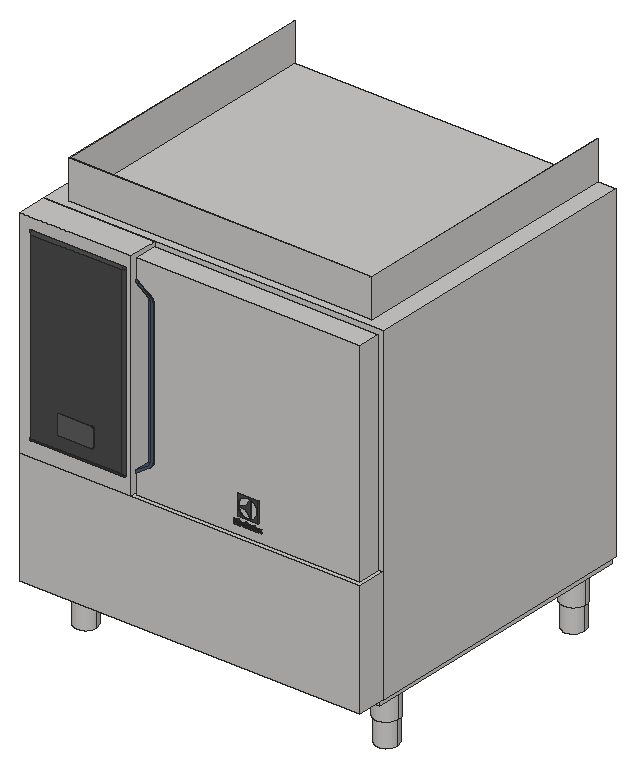
Revit family "QF_ELECTROLUXPROFESSIONAL_725538_EBFA61WE", category Specialty Equipment, Revit 2023 (continued)
Automatic sketch dimensions
  Split face 48 sketch curve to Extrusion 9 = 71.703 mm
  Split face 48 sketch curve to Extrusion 9 = 377.596 mm
  Split face 48 sketch curve to Split face 48 sketch curve = 110.015 mm
  Split face 48 sketch curve to Split face 48 sketch curve = 5.027 mm
  Split face 49 sketch curve to Extrusion 9 = 62.231 mm
  Split face 49 sketch curve to Extrusion 9 = 377.596 mm
  Split face 49 sketch curve to Split face 49 sketch curve = 110.015 mm
  Split face 49 sketch curve to Split face 49 sketch curve = 5.027 mm
  Split face 50 sketch curve to Extrusion 9 = 52.758 mm
  Split face 50 sketch curve to Extrusion 9 = 377.596 mm
  Split face 50 sketch curve to Extrusion 9 = 47.731 mm
  Split face 50 sketch curve to Split face 50 sketch curve = 110.015 mm
  Split face 51 sketch curve to Extrusion 9 = 43.286 mm
  Split face 51 sketch curve to Extrusion 9 = 377.596 mm
  Split face 51 sketch curve to Extrusion 9 = 38.259 mm
  Split face 51 sketch curve to Split face 51 sketch curve = 110.015 mm
  Split face 52 sketch curve to Extrusion 9 = 33.814 mm
  Split face 52 sketch curve to Extrusion 9 = 377.596 mm
  Split face 52 sketch curve to Extrusion 9 = 28.787 mm
  Split face 52 sketch curve to Split face 52 sketch curve = 110.015 mm
  Split face 53 sketch curve to Extrusion 9 = 31.361 mm
  Split face 53 sketch curve to Extrusion 9 = 262.581 mm
  Split face 53 sketch curve to Extrusion 9 = 36.388 mm
  Split face 53 sketch curve to Split face 53 sketch curve = 110.015 mm
  Split face 54 sketch curve to Extrusion 9 = 40.833 mm
  Split face 54 sketch curve to Extrusion 9 = 262.581 mm
  Split face 54 sketch curve to Extrusion 9 = 45.86 mm
  Split face 54 sketch curve to Split face 54 sketch curve = 110.015 mm
  Split face 55 sketch curve to Extrusion 9 = 50.305 mm
  Split face 55 sketch curve to Extrusion 9 = 262.581 mm
  Split face 55 sketch curve to Split face 55 sketch curve = 110.015 mm
  Split face 55 sketch curve to Split face 55 sketch curve = 5.027 mm
  Split face 56 sketch curve to Extrusion 9 = 59.777 mm
  Split face 56 sketch curve to Extrusion 9 = 262.581 mm
  Split face 56 sketch curve to Split face 56 sketch curve = 110.015 mm
  Split face 56 sketch curve to Split face 56 sketch curve = 5.027 mm
  Split face 57 sketch curve to Extrusion 9 = 69.25 mm
  Split face 57 sketch curve to Extrusion 9 = 262.581 mm
  Split face 57 sketch curve to Split face 57 sketch curve = 110.015 mm
  Split face 57 sketch curve to Split face 57 sketch curve = 5.027 mm
  Split face 58 sketch curve to Extrusion 9 = 78.722 mm
  Split face 58 sketch curve to Extrusion 9 = 262.581 mm
  Split face 58 sketch curve to Split face 58 sketch curve = 110.015 mm
  Split face 58 sketch curve to Split face 58 sketch curve = 5.027 mm
  Split face 59 sketch curve to Extrusion 9 = 88.194 mm
  Split face 59 sketch curve to Extrusion 9 = 262.581 mm
  Split face 59 sketch curve to Split face 59 sketch curve = 110.015 mm
  Split face 59 sketch curve to Split face 59 sketch curve = 5.027 mm
  Split face 60 sketch curve to Extrusion 9 = 97.666 mm
  Split face 60 sketch curve to Extrusion 9 = 262.581 mm
  Split face 60 sketch curve to Split face 60 sketch curve = 110.015 mm
  Split face 60 sketch curve to Split face 60 sketch curve = 5.027 mm
  Split face 61 sketch curve to Extrusion 9 = 107.138 mm
  Split face 61 sketch curve to Extrusion 9 = 262.581 mm
  Split face 61 sketch curve to Split face 61 sketch curve = 110.015 mm
  Split face 61 sketch curve to Split face 61 sketch curve = 5.027 mm
  Split face 62 sketch curve to Extrusion 9 = 116.611 mm
  Split face 62 sketch curve to Extrusion 9 = 262.581 mm
  Split face 62 sketch curve to Split face 62 sketch curve = 110.015 mm
  Split face 62 sketch curve to Split face 62 sketch curve = 5.027 mm
  Split face 63 sketch curve to Extrusion 9 = 126.083 mm
  Split face 63 sketch curve to Extrusion 9 = 262.581 mm
  Split face 63 sketch curve to Split face 63 sketch curve = 110.015 mm
  Split face 63 sketch curve to Split face 63 sketch curve = 5.027 mm
  Split face 64 sketch curve to Extrusion 9 = 262.581 mm
  Split face 64 sketch curve to Split face 64 sketch curve = 110.015 mm
  Split face 64 sketch curve to Extrusion 9 = 135.555 mm
  Split face 64 sketch curve to Split face 64 sketch curve = 5.027 mm
  Split face 65 sketch curve to Extrusion 9 = 262.581 mm
  Split face 65 sketch curve to Split face 65 sketch curve = 110.015 mm
  Split face 65 sketch curve to Extrusion 9 = 145.027 mm
  Split face 65 sketch curve to Split face 65 sketch curve = 5.027 mm
  Split face 66 sketch curve to Extrusion 9 = 262.581 mm
  Split face 66 sketch curve to Split face 66 sketch curve = 110.015 mm
  Split face 66 sketch curve to Extrusion 9 = 147.48 mm
  Split face 66 sketch curve to Split face 66 sketch curve = 5.027 mm
  Split face 67 sketch curve to Extrusion 9 = 262.581 mm
  Split face 67 sketch curve to Split face 67 sketch curve = 110.015 mm
  Split face 67 sketch curve to Extrusion 9 = 138.008 mm
  Split face 67 sketch curve to Split face 67 sketch curve = 5.027 mm
  Split face 68 sketch curve to Extrusion 9 = 128.536 mm
  Split face 68 sketch curve to Extrusion 9 = 262.581 mm
  Split face 68 sketch curve to Split face 68 sketch curve = 110.015 mm
  Split face 68 sketch curve to Split face 68 sketch curve = 5.027 mm
  Split face 69 sketch curve to Extrusion 9 = 119.064 mm
  Split face 69 sketch curve to Extrusion 9 = 262.581 mm
  Split face 69 sketch curve to Split face 69 sketch curve = 110.015 mm
  Split face 69 sketch curve to Split face 69 sketch curve = 5.027 mm
  Split face 70 sketch curve to Extrusion 9 = 109.592 mm
  Split face 70 sketch curve to Extrusion 9 = 262.581 mm
  Split face 70 sketch curve to Split face 70 sketch curve = 110.015 mm
  Split face 70 sketch curve to Split face 70 sketch curve = 5.027 mm
  Split face 71 sketch curve to Extrusion 9 = 100.119 mm
  Split face 71 sketch curve to Extrusion 9 = 262.581 mm
  Split face 71 sketch curve to Split face 71 sketch curve = 110.015 mm
  Split face 71 sketch curve to Split face 71 sketch curve = 5.027 mm
  Split face 72 sketch curve to Extrusion 9 = 90.647 mm
  Split face 72 sketch curve to Extrusion 9 = 262.581 mm
  Split face 72 sketch curve to Split face 72 sketch curve = 110.015 mm
  Split face 72 sketch curve to Split face 72 sketch curve = 5.027 mm
  Split face 73 sketch curve to Extrusion 9 = 81.175 mm
  Split face 73 sketch curve to Extrusion 9 = 262.581 mm
  Split face 73 sketch curve to Split face 73 sketch curve = 110.015 mm
  Split face 73 sketch curve to Split face 73 sketch curve = 5.027 mm
  Split face 74 sketch curve to Extrusion 9 = 71.703 mm
  Split face 74 sketch curve to Extrusion 9 = 262.581 mm
  Split face 74 sketch curve to Split face 74 sketch curve = 110.015 mm
  Split face 74 sketch curve to Split face 74 sketch curve = 5.027 mm
  Split face 75 sketch curve to Extrusion 9 = 62.231 mm
  Split face 75 sketch curve to Extrusion 9 = 262.581 mm
  Split face 75 sketch curve to Split face 75 sketch curve = 110.015 mm
  Split face 75 sketch curve to Split face 75 sketch curve = 5.027 mm
  Split face 76 sketch curve to Extrusion 9 = 52.758 mm
  Split face 76 sketch curve to Extrusion 9 = 262.581 mm
  Split face 76 sketch curve to Extrusion 9 = 47.731 mm
  Split face 76 sketch curve to Split face 76 sketch curve = 110.015 mm
  Split face 77 sketch curve to Extrusion 9 = 43.286 mm
  Split face 77 sketch curve to Extrusion 9 = 262.581 mm
  Split face 77 sketch curve to Extrusion 9 = 38.259 mm
  Split face 77 sketch curve to Split face 77 sketch curve = 110.015 mm
  Split face 78 sketch curve to Extrusion 9 = 33.814 mm
  Split face 78 sketch curve to Extrusion 9 = 262.581 mm
  Split face 78 sketch curve to Extrusion 9 = 28.787 mm
  Split face 78 sketch curve to Split face 78 sketch curve = 110.015 mm
  Split face 79 sketch curve to Extrusion 9 = 31.361 mm
  Split face 79 sketch curve to Extrusion 9 = 147.565 mm
  Split face 79 sketch curve to Extrusion 9 = 36.388 mm
  Split face 79 sketch curve to Split face 79 sketch curve = 110.015 mm
  Split face 80 sketch curve to Extrusion 9 = 40.833 mm
  Split face 80 sketch curve to Extrusion 9 = 147.565 mm
  Split face 80 sketch curve to Extrusion 9 = 45.86 mm
  Split face 80 sketch curve to Split face 80 sketch curve = 110.015 mm
  Split face 81 sketch curve to Extrusion 9 = 50.305 mm
  Split face 81 sketch curve to Extrusion 9 = 147.565 mm
  Split face 81 sketch curve to Split face 81 sketch curve = 110.015 mm
  Split face 81 sketch curve to Split face 81 sketch curve = 5.027 mm
  Split face 82 sketch curve to Extrusion 9 = 59.777 mm
  Split face 82 sketch curve to Extrusion 9 = 147.565 mm
  Split face 82 sketch curve to Split face 82 sketch curve = 110.015 mm
  Split face 82 sketch curve to Split face 82 sketch curve = 5.027 mm
  Split face 83 sketch curve to Extrusion 9 = 69.25 mm
  Split face 83 sketch curve to Extrusion 9 = 147.565 mm
  Split face 83 sketch curve to Split face 83 sketch curve = 110.015 mm
  Split face 83 sketch curve to Split face 83 sketch curve = 5.027 mm
  Split face 84 sketch curve to Extrusion 9 = 147.565 mm
  Split face 84 sketch curve to Split face 84 sketch curve = 110.015 mm
  Split face 84 sketch curve to Extrusion 9 = 78.722 mm
  Split face 84 sketch curve to Split face 84 sketch curve = 5.027 mm
  Split face 85 sketch curve to Extrusion 9 = 147.565 mm
  Split face 85 sketch curve to Split face 85 sketch curve = 110.015 mm
  Split face 85 sketch curve to Extrusion 9 = 88.194 mm
  Split face 85 sketch curve to Split face 85 sketch curve = 5.027 mm
  Split face 86 sketch curve to Extrusion 9 = 147.565 mm
  Split face 86 sketch curve to Split face 86 sketch curve = 110.015 mm
  Split face 86 sketch curve to Extrusion 9 = 97.666 mm
  Split face 86 sketch curve to Split face 86 sketch curve = 5.027 mm
  Split face 87 sketch curve to Extrusion 9 = 147.565 mm
  Split face 87 sketch curve to Split face 87 sketch curve = 110.015 mm
  Split face 87 sketch curve to Extrusion 9 = 107.138 mm
  Split face 87 sketch curve to Split face 87 sketch curve = 5.027 mm
  Split face 88 sketch curve to Extrusion 9 = 147.565 mm
  Split face 88 sketch curve to Split face 88 sketch curve = 110.015 mm
  Split face 88 sketch curve to Extrusion 9 = 116.611 mm
  Split face 88 sketch curve to Split face 88 sketch curve = 5.027 mm
  Split face 89 sketch curve to Extrusion 9 = 147.565 mm
  Split face 89 sketch curve to Split face 89 sketch curve = 110.015 mm
  Split face 89 sketch curve to Extrusion 9 = 126.083 mm
  Split face 89 sketch curve to Split face 89 sketch curve = 5.027 mm
  Split face 90 sketch curve to Extrusion 9 = 147.565 mm
  Split face 90 sketch curve to Split face 90 sketch curve = 110.015 mm
  Split face 90 sketch curve to Extrusion 9 = 135.555 mm
  Split face 90 sketch curve to Split face 90 sketch curve = 5.027 mm
  Split face 91 sketch curve to Extrusion 9 = 147.565 mm
  Split face 91 sketch curve to Split face 91 sketch curve = 110.015 mm
  Split face 91 sketch curve to Extrusion 9 = 145.027 mm
  Split face 91 sketch curve to Split face 91 sketch curve = 5.027 mm
  Split face 92 sketch curve to Extrusion 9 = 147.565 mm
  Split face 92 sketch curve to Split face 92 sketch curve = 110.015 mm
  Split face 92 sketch curve to Extrusion 9 = 147.48 mm
  Split face 92 sketch curve to Split face 92 sketch curve = 5.027 mm
  Split face 93 sketch curve to Extrusion 9 = 147.565 mm
  Split face 93 sketch curve to Split face 93 sketch curve = 110.015 mm
  Split face 93 sketch curve to Extrusion 9 = 138.008 mm
  Split face 93 sketch curve to Split face 93 sketch curve = 5.027 mm
  Split face 94 sketch curve to Extrusion 9 = 147.565 mm
  Split face 94 sketch curve to Split face 94 sketch curve = 110.015 mm
  Split face 94 sketch curve to Extrusion 9 = 128.536 mm
  Split face 94 sketch curve to Split face 94 sketch curve = 5.027 mm
  Split face 95 sketch curve to Extrusion 9 = 147.565 mm
  Split face 95 sketch curve to Split face 95 sketch curve = 110.015 mm
  Split face 95 sketch curve to Extrusion 9 = 119.064 mm
  Split face 95 sketch curve to Split face 95 sketch curve = 5.027 mm
  Split face 96 sketch curve to Extrusion 9 = 147.565 mm
  Split face 96 sketch curve to Split face 96 sketch curve = 110.015 mm
  Split face 96 sketch curve to Extrusion 9 = 109.592 mm
  Split face 96 sketch curve to Split face 96 sketch curve = 5.027 mm
  Split face 97 sketch curve to Extrusion 9 = 147.565 mm
  Split face 97 sketch curve to Split face 97 sketch curve = 110.015 mm
  Split face 97 sketch curve to Extrusion 9 = 100.119 mm
  Split face 97 sketch curve to Split face 97 sketch curve = 5.027 mm
  Split face 98 sketch curve to Extrusion 9 = 147.565 mm
  Split face 98 sketch curve to Split face 98 sketch curve = 110.015 mm
  Split face 98 sketch curve to Extrusion 9 = 90.647 mm
  Split face 98 sketch curve to Split face 98 sketch curve = 5.027 mm
  Split face 99 sketch curve to Extrusion 9 = 147.565 mm
  Split face 99 sketch curve to Split face 99 sketch curve = 110.015 mm
  Split face 99 sketch curve to Extrusion 9 = 81.175 mm
  Split face 99 sketch curve to Split face 99 sketch curve = 5.027 mm
  Split face 100 sketch curve to Extrusion 9 = 71.703 mm
  Split face 100 sketch curve to Extrusion 9 = 147.565 mm
  Split face 100 sketch curve to Split face 100 sketch curve = 110.015 mm
  Split face 100 sketch curve to Split face 100 sketch curve = 5.027 mm
  Split face 101 sketch curve to Extrusion 9 = 62.231 mm
  Split face 101 sketch curve to Extrusion 9 = 147.565 mm
  Split face 101 sketch curve to Split face 101 sketch curve = 110.015 mm
  Split face 101 sketch curve to Split face 101 sketch curve = 5.027 mm
  Split face 102 sketch curve to Extrusion 9 = 52.758 mm
  Split face 102 sketch curve to Extrusion 9 = 147.565 mm
  Split face 102 sketch curve to Extrusion 9 = 47.731 mm
  Split face 102 sketch curve to Split face 102 sketch curve = 110.015 mm
  Split face 103 sketch curve to Extrusion 9 = 43.286 mm
  Split face 103 sketch curve to Extrusion 9 = 147.565 mm
  Split face 103 sketch curve to Extrusion 9 = 38.259 mm
  Split face 103 sketch curve to Split face 103 sketch curve = 110.015 mm
  Split face 104 sketch curve to Extrusion 9 = 33.814 mm
  Split face 104 sketch curve to Extrusion 9 = 147.565 mm
  Split face 104 sketch curve to Extrusion 9 = 28.787 mm
  Split face 104 sketch curve to Split face 104 sketch curve = 110.015 mm
  Split face 105 sketch curve to Extrusion 9 = 32.55 mm
  Split face 105 sketch curve to Extrusion 9 = 36.388 mm
  Split face 105 sketch curve to Split face 105 sketch curve = 110.015 mm
  Split face 105 sketch curve to Split face 105 sketch curve = 5.027 mm
  Split face 106 sketch curve to Extrusion 9 = 32.55 mm
  Split face 106 sketch curve to Extrusion 9 = 45.86 mm
  Split face 106 sketch curve to Split face 106 sketch curve = 110.015 mm
  Split face 106 sketch curve to Split face 106 sketch curve = 5.027 mm
  Split face 107 sketch curve to Extrusion 9 = 32.55 mm
  Split face 107 sketch curve to Split face 107 sketch curve = 110.015 mm
  Split face 107 sketch curve to Extrusion 9 = 50.305 mm
  Split face 107 sketch curve to Split face 107 sketch curve = 5.027 mm
  Split face 108 sketch curve to Extrusion 9 = 32.55 mm
  Split face 108 sketch curve to Split face 108 sketch curve = 110.015 mm
  Split face 108 sketch curve to Extrusion 9 = 59.777 mm
  Split face 108 sketch curve to Split face 108 sketch curve = 5.027 mm
  Split face 109 sketch curve to Extrusion 9 = 32.55 mm
  Split face 109 sketch curve to Split face 109 sketch curve = 110.015 mm
  Split face 109 sketch curve to Extrusion 9 = 69.25 mm
  Split face 109 sketch curve to Split face 109 sketch curve = 5.027 mm
  Split face 110 sketch curve to Extrusion 9 = 32.55 mm
  Split face 110 sketch curve to Split face 110 sketch curve = 110.015 mm
  Split face 110 sketch curve to Extrusion 9 = 78.722 mm
  Split face 110 sketch curve to Split face 110 sketch curve = 5.027 mm
  Split face 111 sketch curve to Extrusion 9 = 32.55 mm
  Split face 111 sketch curve to Split face 111 sketch curve = 110.015 mm
  Split face 111 sketch curve to Extrusion 9 = 88.194 mm
  Split face 111 sketch curve to Split face 111 sketch curve = 5.027 mm
  Split face 112 sketch curve to Extrusion 9 = 32.55 mm
  Split face 112 sketch curve to Split face 112 sketch curve = 110.015 mm
  Split face 112 sketch curve to Extrusion 9 = 97.666 mm
  Split face 112 sketch curve to Split face 112 sketch curve = 5.027 mm
  Split face 113 sketch curve to Extrusion 9 = 32.55 mm
  Split face 113 sketch curve to Split face 113 sketch curve = 110.015 mm
  Split face 113 sketch curve to Extrusion 9 = 107.138 mm
  Split face 113 sketch curve to Split face 113 sketch curve = 5.027 mm
  Split face 114 sketch curve to Extrusion 9 = 32.55 mm
  Split face 114 sketch curve to Split face 114 sketch curve = 110.015 mm
  Split face 114 sketch curve to Extrusion 9 = 116.611 mm
  Split face 114 sketch curve to Split face 114 sketch curve = 5.027 mm
  Split face 115 sketch curve to Extrusion 9 = 32.55 mm
  Split face 115 sketch curve to Split face 115 sketch curve = 110.015 mm
  Split face 115 sketch curve to Extrusion 9 = 126.083 mm
  Split face 115 sketch curve to Split face 115 sketch curve = 5.027 mm
  Split face 116 sketch curve to Extrusion 9 = 32.55 mm
  Split face 116 sketch curve to Split face 116 sketch curve = 110.015 mm
  Split face 116 sketch curve to Extrusion 9 = 135.555 mm
  Split face 116 sketch curve to Split face 116 sketch curve = 5.027 mm
  Split face 117 sketch curve to Extrusion 9 = 32.55 mm
  Split face 117 sketch curve to Split face 117 sketch curve = 110.015 mm
  Split face 117 sketch curve to Extrusion 9 = 145.027 mm
  Split face 117 sketch curve to Split face 117 sketch curve = 5.027 mm
  Split face 118 sketch curve to Extrusion 9 = 32.55 mm
  Split face 118 sketch curve to Split face 118 sketch curve = 110.015 mm
  Split face 118 sketch curve to Extrusion 9 = 147.48 mm
  Split face 118 sketch curve to Split face 118 sketch curve = 5.027 mm
  Split face 119 sketch curve to Extrusion 9 = 32.55 mm
  Split face 119 sketch curve to Split face 119 sketch curve = 110.015 mm
  Split face 119 sketch curve to Extrusion 9 = 138.008 mm
  Split face 119 sketch curve to Split face 119 sketch curve = 5.027 mm
  Split face 120 sketch curve to Extrusion 9 = 32.55 mm
  Split face 120 sketch curve to Split face 120 sketch curve = 110.015 mm
  Split face 120 sketch curve to Extrusion 9 = 128.536 mm
  Split face 120 sketch curve to Split face 120 sketch curve = 5.027 mm
  Split face 121 sketch curve to Extrusion 9 = 32.55 mm
  Split face 121 sketch curve to Split face 121 sketch curve = 110.015 mm
  Split face 121 sketch curve to Extrusion 9 = 119.064 mm
  Split face 121 sketch curve to Split face 121 sketch curve = 5.027 mm
  Split face 122 sketch curve to Extrusion 9 = 32.55 mm
  Split face 122 sketch curve to Split face 122 sketch curve = 110.015 mm
  Split face 122 sketch curve to Extrusion 9 = 109.592 mm
  Split face 122 sketch curve to Split face 122 sketch curve = 5.027 mm
  Split face 123 sketch curve to Extrusion 9 = 32.55 mm
  Split face 123 sketch curve to Split face 123 sketch curve = 110.015 mm
  Split face 123 sketch curve to Extrusion 9 = 100.119 mm
  Split face 123 sketch curve to Split face 123 sketch curve = 5.027 mm
  Split face 124 sketch curve to Extrusion 9 = 32.55 mm
  Split face 124 sketch curve to Split face 124 sketch curve = 110.015 mm
  Split face 124 sketch curve to Extrusion 9 = 90.647 mm
  Split face 124 sketch curve to Split face 124 sketch curve = 5.027 mm
  Split face 125 sketch curve to Extrusion 9 = 32.55 mm
  Split face 125 sketch curve to Split face 125 sketch curve = 110.015 mm
  Split face 125 sketch curve to Extrusion 9 = 81.175 mm
  Split face 125 sketch curve to Split face 125 sketch curve = 5.027 mm
  Split face 126 sketch curve to Extrusion 9 = 32.55 mm
  Split face 126 sketch curve to Split face 126 sketch curve = 110.015 mm
  Split face 126 sketch curve to Extrusion 9 = 71.703 mm
  Split face 126 sketch curve to Split face 126 sketch curve = 5.027 mm
  Split face 127 sketch curve to Extrusion 9 = 32.55 mm
  Split face 127 sketch curve to Split face 127 sketch curve = 110.015 mm
  Split face 127 sketch curve to Extrusion 9 = 62.231 mm
  Split face 127 sketch curve to Split face 127 sketch curve = 5.027 mm
  Split face 128 sketch curve to Extrusion 9 = 32.55 mm
  Split face 128 sketch curve to Extrusion 9 = 47.731 mm
  Split face 128 sketch curve to Split face 128 sketch curve = 110.015 mm
  Split face 128 sketch curve to Split face 128 sketch curve = 5.027 mm
  Split face 129 sketch curve to Extrusion 9 = 32.55 mm
  Split face 129 sketch curve to Extrusion 9 = 38.259 mm
  Split face 129 sketch curve to Split face 129 sketch curve = 110.015 mm
  Split face 129 sketch curve to Split face 129 sketch curve = 5.027 mm
  Split face 130 sketch curve to Extrusion 9 = 32.55 mm
  Split face 130 sketch curve to Extrusion 9 = 28.787 mm
  Split face 130 sketch curve to Split face 130 sketch curve = 110.015 mm
  Split face 130 sketch curve to Split face 130 sketch curve = 5.027 mm
  Extrusion 12 sketch curve to plane 5 "BACK" = 0 mm  (x2)
  Extrusion 12 sketch curve to plane 14 = 0 mm  (x2)
  Extrusion 12 sketch curve to plane 3 "Center Y" = 141.58 mm
  Extrusion 12 sketch curve to Extrusion 12 sketch curve = 1.631 mm  (x2)
  Extrusion 12 sketch curve to Extrusion 12 sketch curve = 9.723 mm
  plane 9 to Extrusion 12 sketch curve = 80.967 mm
  plane 9 to Extrusion 12 sketch curve = 72.875 mm
  Extrusion 13 sketch curve to plane 13 "TOP" = 0.005 mm
  plane 7 "FRONT" to Extrusion 13 sketch curve = 0 mm
  plane 15 to Extrusion 13 sketch curve = 47.24 mm
  Extrusion 13 sketch curve to Extrusion 13 sketch curve = 8.487 mm
  Extrusion 13 sketch curve to Extrusion 13 sketch curve = 8.95 mm
  Extrusion 13 sketch curve to Extrusion 13 sketch curve = 10.513 mm
  Extrusion 13 sketch curve to Extrusion 13 sketch curve = 20 mm
  Extrusion 13 sketch curve to Extrusion 13 sketch curve = 35.79 mm
  Extrusion 13 sketch curve to Extrusion 13 sketch curve = 36.253 mm
  Extrusion 13 sketch curve to Extrusion 13 sketch curve = 51.135 mm
  Extrusion 13 sketch curve to Extrusion 13 sketch curve = 24.082 mm
  Extrusion 13 sketch curve to Extrusion 13 sketch curve = 374.913 mm
  Extrusion 13 sketch curve to Extrusion 13 sketch curve = 23.723 mm
  plane 8 to Extrusion 13 sketch curve = 332.497 mm
  Extrusion 14 sketch curve to Extrusion 13 = 0 mm  (x6)
  Extrusion 13 to Extrusion 14 sketch curve = 0 mm  (x2)
  Extrusion 13 to Extrusion 14 sketch curve = 8.487 mm
  Extrusion 13 to Extrusion 14 sketch curve = 8.95 mm
  Extrusion 14 sketch curve to Extrusion 14 sketch curve = 11.05 mm
  Extrusion 15 sketch curve to Extrusion 15 sketch curve = 0 mm  (x2)
  Extrusion 15 sketch curve to Extrusion 13 = 0 mm  (x5)
  Extrusion 13 to Extrusion 15 sketch curve = 2.5 mm  (x2)
  Extrusion 15 sketch curve to Extrusion 15 sketch curve = 13.5 mm
  Extrusion 13 to Extrusion 15 sketch curve = 12.541 mm
  Extrusion 15 sketch curve to Extrusion 15 sketch curve = 5.583 mm
  Extrusion 15 sketch curve to Extrusion 15 sketch curve = 3.591 mm
  Extrusion 15 sketch curve to Extrusion 15 sketch curve = 3.597 mm
  Extrusion 15 sketch curve to Extrusion 15 sketch curve = 6.141 mm
  Extrusion 15 sketch curve to Extrusion 15 sketch curve = 6.143 mm
  Extrusion 16 sketch curve to plane 7 "FRONT" = 0 mm
  plane 15 to Extrusion 16 sketch curve = 2.5 mm
  Extrusion 16 sketch curve to plane 11 = 2 mm
  Extrusion 16 sketch curve to plane 6 "RIGHT" = 21.029 mm
  plane 7 "FRONT" to Extrusion 16 sketch curve = 16.966 mm
  curve 15 to plane 7 "FRONT" = 0 mm
  curve 3 to plane 6 "RIGHT" = 0 mm
  curve 17 to plane 7 "FRONT" = 0 mm
  curve 10 to plane 5 "BACK" = 0 mm
  curve 10 to plane 14 = 0 mm
  curve 2 to plane 4 "LEFT" = 0 mm
  plane 15 to curve 15 = 2.5 mm
  plane 6 "RIGHT" to curve 15 = 6 mm
  curve 14 to plane 6 "RIGHT" = 21.029 mm
  curve 16 to plane 11 = 2 mm
  curve 10 to plane 3 "Center Y" = 151.303 mm
  curve 6 to plane 7 "FRONT" = 5 mm
  curve 6 to plane 3 "Center Y" = 176 mm
  plane 9 to curve 8 = 80.967 mm
  plane 9 to curve 12 = 22.5 mm
  plane 9 to curve 13 = 1.5 mm
  curve 5 to plane 9 = 17.5 mm
  curve 13 to curve 13 = 29 mm
  plane 7 "FRONT" to curve 14 = 16.966 mm
  curve 10 to curve 9 = 8.092 mm
  curve 6 to curve 5 = 8 mm
  curve 8 to curve 12 = 50.375 mm
  curve 5 to curve 7 = 8 mm
  Extrusion 17 sketch curve to plane 5 "BACK" = 0 mm  (x2)
  Extrusion 17 sketch curve to plane 9 = 3 mm
  Extrusion 17 sketch curve to plane 9 = 1 mm
  plane 11 to Extrusion 17 sketch curve = 1 mm
  Extrusion 17 sketch curve to Extrusion 17 sketch curve = 2 mm  (x2)
  Extrusion 17 sketch curve to plane 12 = 49 mm
  radius of Extrusion 5 sketch curve = 10.5 mm
  radius of Extrusion 6 sketch curve to Extrusion 2 = 0 mm
  radius of Extrusion 7 sketch curve to Extrusion 2 = 0 mm
  radius of Extrusion 7 sketch curve to Extrusion 2 = 6.5 mm
  radius of Extrusion 11 sketch curve = 9.5 mm
  radius of Extrusion 14 sketch curve to Extrusion 13 = 0 mm
  radius of Extrusion 15 sketch curve to Extrusion 13 = 0 mm
  radius of Extrusion 15 sketch curve to Extrusion 13 = 6.5 mm
Nested families
  nested 1: "Foot_Complete" at (-708, -142.149, 0), type "Foot_Complete"
    with H 130 mm
  nested 2: "Foot_Complete" at (85, -142.149, 0), type "Foot_Complete"
    with H 130 mm
  nested 3: "Foot_Complete" at (85, 473.851, 0), type "Foot_Complete"
    with H 130 mm
  nested 4: "Foot_Complete" at (-708, 473.851, 0), type "Foot_Complete"
    with H 130 mm
  nested 5: "ELX_Logo_S_New" at (-157.603, -295.149, 492.497) x (1, 0, 0) z (0, -1, 0), visible <- "Show Logo", type "ELX_Logo_S_New"
    with M QF_Finishes_Black
  nested 6: "ELX_Logo_Symbol" at (-157.603, -295.149, 532.497) x (-1, 0, 0) z (0, -1, 0), visible <- "Show Logo", type "ELX_Logo_Symbol"
    with M QF_Finishes_Black
  nested 7: "ELX_Touch" at (-606.5, -295.149, 741.265) x (1, 0, 0) z (0, -1, 0), type "ELX_Touch"
Connectors
  electrical at (-696, 577.851, 258), driven by "Volts"
    settings: on Extrusion 5, index 5, voltage 380 V, apparent load 0 VA, apparent load phase1 0 VA, apparent load phase2 0 VA, apparent load phase3 0 VA, power factor 1, load classification "Altro", number of poles 1, system type 30, power factor state 1, is connector primary yes, connector utility no, sub classification motor no, connector description "Electrical Connection"
  piping at (-360, 215.851, 98.32), diameter 19
    settings: on cut or joined group of Extrusion 1, Extrusion 3, Extrusion 4, Extrusion 5, Extrusion 10, Extrusion 11, Extrusion 12, index 6, connector inside diameter 609.6 mm, connector length 0 mm, flow factor 0, pipe flow 0.0 L/s, pressure drop 0.0 Pa, fitting loss kfactor 0, connector angle 0.00°, fixture units 0, engagement length 0 mm, angle of deflection 0.00°, flow configuration 1, flow direction 2, fitting loss method 0, system type 16, joint type 0, gender type 0, connector reference index -1, connector utility 0, adjustable connector no, is connector primary yes, connector description "Drain"
Definition of nested family "Foot_Complete"
  Parameters
    R = 32 mm
    H = 150 mm
    Default Elevation = 0 mm
  Reference planes
    plane 1 "Centro (Fronte/Retro)": y = 0
    plane 2: z = 0
    plane 3 "Centro (Sinistra/Destra)": x = 0
    plane 4: z = 150
  Forms (mm)
    Revolve 1, solid
      sketch origin (255.05, 0, 608.09) x (0, 0, 1) y (-1, 0, 0)
        loop
          line (-608.09, 255.05) -> (-608.09, 226.55) -> (-544.09, 226.55) -> (-544.09, 223.05) -> (-458.09, 223.05) -> (-458.09, 255.05) -> (-608.09, 255.05)
        axis (-608.09, 255.05) -> (-458.09, 255.05)
      angle from 0 to 360
  Dimensions and locks
    locked: level to Revolve 1 sketch curve at 64
    "R": Revolve 1 sketch curve to plane 3 "Centro (Sinistra/Destra)"
    "H": plane 4 to level
    aligned and locked: level to plane 2
    aligned and locked: plane 4 to Revolve 1 sketch curve
    aligned and locked: Revolve 1 sketch curve to level
    aligned and locked: plane 3 "Centro (Sinistra/Destra)" to Revolve 1 sketch curve
  Automatic sketch dimensions
    Revolve 1 sketch curve to plane 3 "Centro (Sinistra/Destra)" = 0 mm
    plane 3 "Centro (Sinistra/Destra)" to Revolve 1 sketch curve = 28.5 mm
    Revolve 1 sketch curve to Revolve 1 sketch curve = 50 mm
    Revolve 1 sketch curve to Revolve 1 sketch curve = 20 mm
Definition of nested family "ELX_Logo_S_New"
  Parameters
    Default Elevation = 0 mm
    M [instance] = none
  Reference planes
    plane 1 "Centro (Fronte/Retro)": y = 0
    plane 2: z = 0
    plane 3 "Centro (Sinistra/Destra)": x = 0
  Forms (mm)
    Extrusion 1, solid
      sketch origin (0, 0, 0) x (1, 0, 0) y (0, 1, 0)
        loop
          line (-1219.2, 1219.2) -> (-1219.2, -1219.2) -> (1219.2, -1219.2) -> (1219.2, 1219.2) -> (-1219.2, 1219.2)
      from 0 to -304.8
    Extrusion 2, solid, material <- "M"
      sketch origin (0, 0, 0) x (1, 0, 0) y (0, 1, 0)
        loop
          spline (-32.537, -4.135) -> (-32.702, -4.128) -> (-32.877, -4.105) -> (-33.059, -4.064) -> (-33.242, -4.002) -> (-33.422, -3.916) -> (-33.593, -3.803) -> (-33.751, -3.66) -> (-33.891, -3.486) -> (-34.008, -3.276) -> (-34.098, -3.029) -> (-34.155, -2.741) -> (-34.176, -2.41)
          line (-34.176, -2.41) -> (-34.176, -0.943) -> (-29.331, -0.943) -> (-29.331, 0.928) -> (-34.176, 0.928) -> (-34.176, 3.652) -> (-29.023, 3.652) -> (-29.023, 5.518) -> (-36.159, 5.518) -> (-36.159, -2.326)
          spline (-36.159, -2.326) -> (-36.142, -2.808) -> (-36.088, -3.263) -> (-35.996, -3.688) -> (-35.867, -4.083) -> (-35.698, -4.445) -> (-35.489, -4.773) -> (-35.239, -5.066) -> (-34.946, -5.322) -> (-34.61, -5.539) -> (-34.23, -5.716) -> (-33.804, -5.851) -> (-33.332, -5.943)
          line (-33.332, -5.943) -> (-32.554, -5.999) -> (-28.885, -5.999) -> (-28.885, -4.135) -> (-32.537, -4.135)
        loop
          line (-27.476, 0.076) -> (-27.476, -6.002) -> (-25.492, -6.002) -> (-25.492, 5.521) -> (-27.476, 5.521) -> (-27.476, 0.076)
        loop
          spline (-15.702, -2.321) -> (-15.689, -1.697) -> (-15.749, -1.094) -> (-15.879, -0.516) -> (-16.078, 0.029) -> (-16.341, 0.538) -> (-16.668, 1.004) -> (-17.055, 1.422) -> (-17.5, 1.786) -> (-17.999, 2.091) -> (-18.552, 2.331) -> (-19.154, 2.5) -> (-19.804, 2.594)
          spline (-19.804, 2.594) -> (-20.422, 2.558) -> (-21.009, 2.453) -> (-21.56, 2.28) -> (-22.072, 2.042) -> (-22.54, 1.743) -> (-22.96, 1.385) -> (-23.327, 0.97) -> (-23.638, 0.502) -> (-23.887, -0.018) -> (-24.07, -0.586) -> (-24.183, -1.2) -> (-24.222, -1.857)
          spline (-24.222, -1.857) -> (-24.184, -2.498) -> (-24.074, -3.097) -> (-23.895, -3.652) -> (-23.651, -4.16) -> (-23.344, -4.618) -> (-22.979, -5.023) -> (-22.559, -5.374) -> (-22.087, -5.667) -> (-21.567, -5.899) -> (-21.003, -6.068) -> (-20.397, -6.172) -> (-19.754, -6.207)
          spline (-19.754, -6.207) -> (-19.44, -6.2) -> (-19.13, -6.176) -> (-18.823, -6.135) -> (-18.52, -6.074) -> (-18.221, -5.993) -> (-17.925, -5.89) -> (-17.634, -5.762) -> (-17.346, -5.609) -> (-17.062, -5.43) -> (-16.782, -5.221) -> (-16.506, -4.983) -> (-16.234, -4.713)
          line (-16.234, -4.713) -> (-17.429, -3.55)
          spline (-17.429, -3.55) -> (-17.587, -3.702) -> (-17.745, -3.841) -> (-17.906, -3.967) -> (-18.07, -4.08) -> (-18.239, -4.181) -> (-18.415, -4.268) -> (-18.599, -4.343) -> (-18.792, -4.404) -> (-18.996, -4.452) -> (-19.213, -4.486) -> (-19.443, -4.506) -> (-19.688, -4.513)
          spline (-19.688, -4.513) -> (-20.047, -4.496) -> (-20.383, -4.443) -> (-20.696, -4.358) -> (-20.984, -4.24) -> (-21.246, -4.092) -> (-21.479, -3.915) -> (-21.683, -3.711) -> (-21.856, -3.48) -> (-21.997, -3.224) -> (-22.104, -2.945) -> (-22.176, -2.643) -> (-22.212, -2.321)
          line (-22.212, -2.321) -> (-15.702, -2.321)
        loop
          spline (-17.695, -0.926) -> (-17.714, -0.681) -> (-17.771, -0.445) -> (-17.861, -0.221) -> (-17.984, -0.01) -> (-18.135, 0.184) -> (-18.314, 0.36) -> (-18.516, 0.516) -> (-18.741, 0.648) -> (-18.984, 0.755) -> (-19.244, 0.834) -> (-19.518, 0.883) -> (-19.804, 0.9)
          spline (-19.804, 0.9) -> (-20.11, 0.884) -> (-20.405, 0.835) -> (-20.686, 0.757) -> (-20.95, 0.652) -> (-21.195, 0.521) -> (-21.419, 0.367) -> (-21.618, 0.192) -> (-21.79, -0.003) -> (-21.934, -0.214) -> (-22.045, -0.439) -> (-22.122, -0.678) -> (-22.162, -0.926)
          line (-22.162, -0.926) -> (-17.695, -0.926)
        loop
          spline (-12.669, -1.807) -> (-12.646, -1.438) -> (-12.58, -1.088) -> (-12.472, -0.759) -> (-12.326, -0.455) -> (-12.145, -0.177) -> (-11.93, 0.072) -> (-11.685, 0.289) -> (-11.412, 0.473) -> (-11.114, 0.62) -> (-10.793, 0.728) -> (-10.453, 0.794) -> (-10.095, 0.817)
          spline (-10.095, 0.817) -> (-9.876, 0.81) -> (-9.665, 0.79) -> (-9.464, 0.756) -> (-9.271, 0.709) -> (-9.086, 0.65) -> (-8.908, 0.578) -> (-8.737, 0.495) -> (-8.572, 0.399) -> (-8.414, 0.292) -> (-8.261, 0.173) -> (-8.113, 0.044) -> (-7.969, -0.096)
          line (-7.969, -0.096) -> (-6.741, 1.183)
          spline (-6.741, 1.183) -> (-6.985, 1.427) -> (-7.237, 1.647) -> (-7.496, 1.843) -> (-7.762, 2.015) -> (-8.034, 2.164) -> (-8.312, 2.291) -> (-8.596, 2.397) -> (-8.886, 2.482) -> (-9.181, 2.546) -> (-9.481, 2.592) -> (-9.786, 2.619) -> (-10.095, 2.627)
          spline (-10.095, 2.627) -> (-10.715, 2.589) -> (-11.308, 2.476) -> (-11.871, 2.294) -> (-12.396, 2.046) -> (-12.88, 1.736) -> (-13.316, 1.369) -> (-13.7, 0.949) -> (-14.026, 0.48) -> (-14.289, -0.035) -> (-14.483, -0.59) -> (-14.604, -1.182) -> (-14.645, -1.807)
          spline (-14.645, -1.807) -> (-14.604, -2.431) -> (-14.483, -3.023) -> (-14.289, -3.578) -> (-14.026, -4.093) -> (-13.7, -4.562) -> (-13.316, -4.983) -> (-12.88, -5.35) -> (-12.396, -5.659) -> (-11.871, -5.907) -> (-11.308, -6.09) -> (-10.715, -6.202) -> (-10.095, -6.24)
          spline (-10.095, -6.24) -> (-9.786, -6.232) -> (-9.481, -6.205) -> (-9.181, -6.16) -> (-8.886, -6.095) -> (-8.596, -6.01) -> (-8.312, -5.904) -> (-8.034, -5.777) -> (-7.762, -5.628) -> (-7.496, -5.456) -> (-7.237, -5.26) -> (-6.985, -5.04) -> (-6.741, -4.796)
          line (-6.741, -4.796) -> (-7.969, -3.517)
          spline (-7.969, -3.517) -> (-8.113, -3.657) -> (-8.261, -3.786) -> (-8.414, -3.905) -> (-8.572, -4.012) -> (-8.737, -4.108) -> (-8.908, -4.192) -> (-9.086, -4.263) -> (-9.271, -4.323) -> (-9.464, -4.369) -> (-9.665, -4.403) -> (-9.876, -4.423) -> (-10.095, -4.43)
          spline (-10.095, -4.43) -> (-10.453, -4.408) -> (-10.793, -4.341) -> (-11.114, -4.233) -> (-11.412, -4.086) -> (-11.685, -3.902) -> (-11.93, -3.685) -> (-12.145, -3.436) -> (-12.326, -3.158) -> (-12.472, -2.854) -> (-12.58, -2.526) -> (-12.646, -2.176) -> (-12.669, -1.807)
        loop
          spline (-1.683, -4.138) -> (-1.858, -4.14) -> (-2.045, -4.127) -> (-2.24, -4.095) -> (-2.438, -4.04) -> (-2.633, -3.959) -> (-2.822, -3.85) -> (-2.998, -3.709) -> (-3.157, -3.533) -> (-3.294, -3.318) -> (-3.404, -3.061) -> (-3.483, -2.76) -> (-3.524, -2.411)
          line (-3.524, -2.411) -> (-3.524, 0.529) -> (-1.72, 0.529) -> (-1.72, 2.331) -> (-3.522, 2.331) -> (-3.522, 5.521) -> (-5.506, 5.521) -> (-5.506, -2.523)
          spline (-5.506, -2.523) -> (-5.463, -2.99) -> (-5.386, -3.429) -> (-5.274, -3.839) -> (-5.126, -4.218) -> (-4.941, -4.564) -> (-4.717, -4.877) -> (-4.455, -5.155) -> (-4.153, -5.396) -> (-3.81, -5.599) -> (-3.425, -5.762) -> (-2.998, -5.884) -> (-2.528, -5.964)
          line (-2.528, -5.964) -> (-1.69, -6.002) -> (-1.683, -4.138)
        loop
          spline (4.991, 2.446) -> (4.648, 2.468) -> (4.318, 2.461) -> (4.001, 2.429) -> (3.699, 2.371) -> (3.413, 2.288) -> (3.142, 2.182) -> (2.89, 2.052) -> (2.655, 1.901) -> (2.439, 1.728) -> (2.244, 1.535) -> (2.069, 1.322) -> (1.917, 1.091)
          line (1.917, 1.091) -> (1.917, 2.33) -> (-0.051, 2.33) -> (-0.051, -6.002) -> (1.917, -6.002) -> (1.917, -1.621)
          spline (1.917, -1.621) -> (1.935, -1.288) -> (1.988, -0.979) -> (2.075, -0.693) -> (2.195, -0.432) -> (2.345, -0.197) -> (2.526, 0.01) -> (2.736, 0.189) -> (2.972, 0.338) -> (3.235, 0.456) -> (3.522, 0.541) -> (3.832, 0.594) -> (4.165, 0.611)
          line (4.165, 0.611) -> (4.991, 0.529) -> (4.991, 2.446)
        loop
          spline (14.388, -1.836) -> (14.347, -1.224) -> (14.226, -0.642) -> (14.031, -0.093) -> (13.768, 0.418) -> (13.441, 0.887) -> (13.057, 1.308) -> (12.621, 1.677) -> (12.137, 1.989) -> (11.612, 2.24) -> (11.051, 2.425) -> (10.459, 2.539) -> (9.842, 2.578)
          spline (9.842, 2.578) -> (9.221, 2.539) -> (8.627, 2.425) -> (8.064, 2.24) -> (7.539, 1.989) -> (7.056, 1.677) -> (6.62, 1.308) -> (6.237, 0.887) -> (5.912, 0.418) -> (5.65, -0.093) -> (5.456, -0.642) -> (5.336, -1.224) -> (5.295, -1.836)
          spline (5.295, -1.836) -> (5.336, -2.447) -> (5.456, -3.029) -> (5.65, -3.578) -> (5.912, -4.089) -> (6.237, -4.558) -> (6.62, -4.979) -> (7.056, -5.348) -> (7.539, -5.66) -> (8.064, -5.911) -> (8.627, -6.096) -> (9.221, -6.211) -> (9.842, -6.25)
          spline (9.842, -6.25) -> (10.459, -6.211) -> (11.051, -6.096) -> (11.612, -5.911) -> (12.137, -5.66) -> (12.621, -5.348) -> (13.057, -4.979) -> (13.441, -4.558) -> (13.768, -4.089) -> (14.031, -3.578) -> (14.226, -3.029) -> (14.347, -2.447) -> (14.388, -1.836)
        loop
          spline (12.42, -1.836) -> (12.397, -1.475) -> (12.33, -1.131) -> (12.222, -0.807) -> (12.075, -0.504) -> (11.893, -0.227) -> (11.677, 0.022) -> (11.431, 0.241) -> (11.157, 0.426) -> (10.859, 0.575) -> (10.538, 0.685) -> (10.198, 0.753) -> (9.842, 0.777)
          spline (9.842, 0.777) -> (9.482, 0.753) -> (9.14, 0.685) -> (8.818, 0.575) -> (8.519, 0.426) -> (8.246, 0.241) -> (8.001, 0.022) -> (7.786, -0.227) -> (7.605, -0.504) -> (7.459, -0.807) -> (7.352, -1.131) -> (7.286, -1.475) -> (7.263, -1.836)
          spline (7.263, -1.836) -> (7.286, -2.196) -> (7.352, -2.54) -> (7.459, -2.865) -> (7.605, -3.167) -> (7.786, -3.444) -> (8.001, -3.694) -> (8.246, -3.912) -> (8.519, -4.098) -> (8.818, -4.247) -> (9.14, -4.357) -> (9.482, -4.425) -> (9.842, -4.448)
          spline (9.842, -4.448) -> (10.198, -4.425) -> (10.538, -4.357) -> (10.859, -4.247) -> (11.157, -4.098) -> (11.431, -3.912) -> (11.677, -3.694) -> (11.893, -3.444) -> (12.075, -3.167) -> (12.222, -2.865) -> (12.33, -2.54) -> (12.397, -2.196) -> (12.42, -1.836)
        loop
          line (15.608, 0.275) -> (15.608, -6.002) -> (17.593, -6.002) -> (17.593, 5.521) -> (15.608, 5.521) -> (15.608, 0.275)
        loop
          line (24.747, 2.33) -> (24.747, -2.513)
          spline (24.747, -2.513) -> (24.731, -2.828) -> (24.685, -3.112) -> (24.61, -3.366) -> (24.507, -3.59) -> (24.38, -3.785) -> (24.229, -3.952) -> (24.056, -4.091) -> (23.863, -4.203) -> (23.652, -4.29) -> (23.425, -4.35) -> (23.183, -4.386) -> (22.928, -4.398)
          spline (22.928, -4.398) -> (22.674, -4.386) -> (22.432, -4.35) -> (22.205, -4.29) -> (21.994, -4.204) -> (21.802, -4.092) -> (21.629, -3.954) -> (21.478, -3.788) -> (21.35, -3.595) -> (21.248, -3.373) -> (21.173, -3.122) -> (21.126, -2.841) -> (21.11, -2.53)
          line (21.11, -2.53) -> (21.11, 2.33) -> (19.11, 2.33) -> (19.11, -2.696)
          spline (19.11, -2.696) -> (19.145, -3.265) -> (19.248, -3.783) -> (19.413, -4.25) -> (19.636, -4.667) -> (19.912, -5.033) -> (20.236, -5.349) -> (20.603, -5.616) -> (21.008, -5.833) -> (21.446, -6.001) -> (21.913, -6.121) -> (22.403, -6.193) -> (22.912, -6.217)
          spline (22.912, -6.217) -> (23.425, -6.193) -> (23.92, -6.12) -> (24.39, -5.998) -> (24.832, -5.828) -> (25.241, -5.607) -> (25.611, -5.337) -> (25.937, -5.016) -> (26.216, -4.645) -> (26.441, -4.222) -> (26.608, -3.749) -> (26.711, -3.223) -> (26.747, -2.646)
          line (26.747, -2.646) -> (26.747, 2.33) -> (24.747, 2.33)
        loop
          line (34.253, -3.337) -> (33.002, -1.588) -> (34.551, 0.523) -> (35.878, 2.33) -> (33.713, 2.33) -> (31.91, -0.166) -> (30.092, 2.33) -> (27.943, 2.33) -> (29.175, 0.645) -> (30.82, -1.604) -> (29.096, -4.004) -> (27.662, -6.002) -> (29.794, -6.002) -> (31.91, -3.059) -> (34.027, -6.002) -> (36.159, -6.002) -> (34.253, -3.337)
      from 0 to 1.644
  Dimensions and locks
    aligned and locked: plane 2 to Extrusion 1
    aligned and locked: level to Extrusion 1
Definition of nested family "ELX_Logo_Symbol"
  Parameters
    Default Elevation = 0 mm
    M [instance] = none
  Reference planes
    plane 1 "Centro (Fronte/Retro)": y = 0
    plane 2: z = 0
    plane 3 "Centro (Sinistra/Destra)": x = 0
  Forms (mm)
    Extrusion 1, solid
      sketch origin (0, 0, 0) x (1, 0, 0) y (0, 1, 0)
        loop
          line (-1219.2, 1219.2) -> (-1219.2, -1219.2) -> (1219.2, -1219.2) -> (1219.2, 1219.2) -> (-1219.2, 1219.2)
      from 0 to -304.8
    Extrusion 2, solid, material <- "M"
      sketch origin (94.462, 558.781, 0) x (1, 0, 0) y (0, 1, 0)
        loop
          line (-101.645, -583.129) -> (-101.645, -534.543)
          arc (-101.645, -534.543) -> (-119.606, -558.836) -> (-101.645, -583.129) r 25.41
        loop
          arc (-99.174, -583.129) -> (-78.968, -578.537) -> (-69.233, -560.244) r 24.902
          line (-69.233, -560.244) -> (-77.271, -560.244)
          arc (-77.271, -560.244) -> (-91.631, -566.073) -> (-99.174, -579.611) r 23.341
          line (-99.174, -579.611) -> (-99.174, -583.129)
        loop
          arc (-99.174, -538.061) -> (-91.631, -551.599) -> (-77.271, -557.427) r 23.341
          line (-77.271, -557.427) -> (-69.233, -557.427)
          arc (-69.233, -557.427) -> (-78.952, -538.984) -> (-99.174, -533.918) r 25.553
          line (-99.174, -533.918) -> (-99.174, -538.061)
        loop
          line (-67.388, -585.781) -> (-67.388, -531.781) -> (-121.462, -531.781) -> (-121.462, -585.781) -> (-67.388, -585.781)
      from 0 to 1.644
  Dimensions and locks
    aligned and locked: plane 2 to Extrusion 1
    aligned and locked: level to Extrusion 1
Definition of nested family "ELX_Touch"
  Parameters
    Default Elevation = 1219.2 mm
  Reference planes
    plane 1 "Centro (Fronte/Retro)": y = 0
    plane 2: z = 0
    plane 3 "Centro (Sinistra/Destra)": x = 0
  Forms (mm)
    Extrusion 1, solid
      sketch origin (0, 0, 0) x (1, 0, 0) y (0, 1, 0)
        loop
          line (-1219.2, 1219.2) -> (-1219.2, -1219.2) -> (1219.2, -1219.2) -> (1219.2, 1219.2) -> (-1219.2, 1219.2)
      from 0 to -304.8
    Extrusion 2, solid
      sketch origin (0, 0, 5) x (1, 0, 0) y (0, 1, 0)
        loop
          line (-47, -160) -> (-47, -202)
          arc (-47, -202) -> (-45.536, -205.535) -> (-42, -207) r 5
          line (-42, -207) -> (42, -207)
          arc (42, -207) -> (45.536, -205.535) -> (47, -202) r 5
          line (47, -202) -> (47, -160)
          arc (47, -160) -> (45.536, -156.465) -> (42, -155) r 5
          line (42, -155) -> (-42, -155)
          arc (-42, -155) -> (-45.536, -156.465) -> (-47, -160) r 5
      from 0 to 2
    Blend 3, solid
      base sketch origin (0, 0, 0) x (1, 0, 0) y (0, 1, 0)
        loop
          line (-127, 244) -> (-127, -244)
          arc (-127, -244) -> (-125.536, -247.536) -> (-122, -249) r 5
          line (-122, -249) -> (122, -249)
          arc (122, -249) -> (125.536, -247.536) -> (127, -244) r 5
          line (127, -244) -> (127, 244)
          arc (127, 244) -> (125.536, 247.536) -> (122, 249) r 5
          line (122, 249) -> (-122, 249)
          arc (-122, 249) -> (-125.536, 247.536) -> (-127, 244) r 5
      top sketch origin (0, 0, 0) x (1, 0, 0) y (0, 1, 0)
        loop
          line (-119, -241) -> (119, -241) -> (119, 241) -> (-119, 241) -> (-119, -241)
      from 0 to 5
  Lines and regions (mm)
    Split face 1
      outline origin (0, 0, 5) x (1, 0, 0) y (0, 1, 0)
        loop
          line (-70.506, 46.167) -> (70.506, 46.167) -> (70.506, 214.829) -> (-70.506, 214.829) -> (-70.506, 46.167)
    Split face 2
      outline origin (0, 0, 5) x (1, 0, 0) y (0, 1, 0)
        loop
          line (-47.467, 50.825) -> (47.467, 50.825) -> (47.467, 210.171) -> (-47.467, 210.171) -> (-47.467, 50.825)
    Split face 3
      outline origin (0, 0, 5) x (1, 0, 0) y (0, 1, 0)
        loop
          line (-70.521, -215.33) -> (70.521, -215.33) -> (70.521, -146.67) -> (-70.521, -146.67) -> (-70.521, -215.33)
    Split face 4
      outline origin (0, 0, 5) x (1, 0, 0) y (0, 1, 0)
        loop
          line (-119, 201.163) -> (-70.506, 201.163)
        loop
          line (70.506, 201.163) -> (119, 201.163)
        loop
          line (70.521, -200.849) -> (119, -200.849)
        loop
          line (-119, -200.849) -> (-70.521, -200.849)
  Dimensions and locks
    aligned and locked: plane 2 to Extrusion 1
    aligned and locked: level to Extrusion 1
